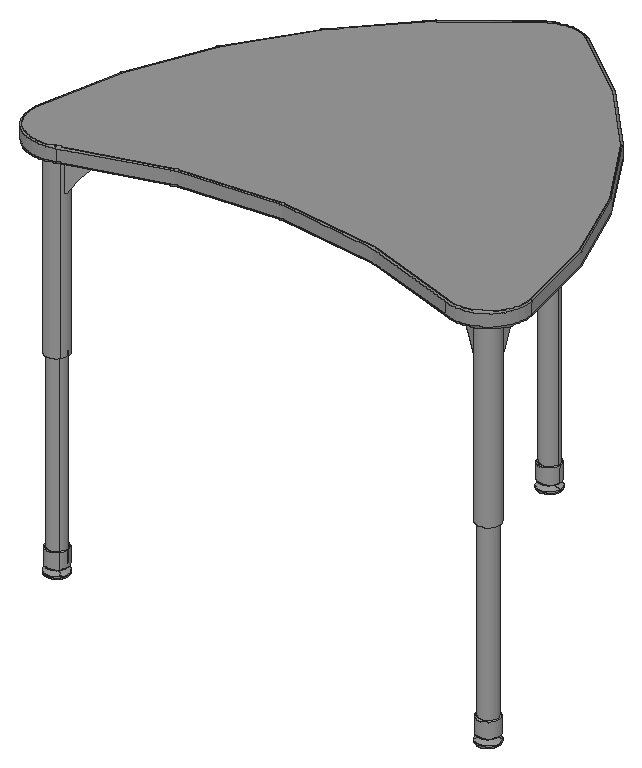
Revit family "Hierarchy Chevron Large Table", category Furniture, Revit 2018
Family settings
  Work Plane-Based = No
  Always vertical = Yes
  Cut with Voids When Loaded = No
  Shared = No
  Room Calculation Point = No
Parameters
  Table Height = 2' - 5"
  Surface = Hierarchy Chevron Large Surface
  Leg Finish = Hierarchy Leg Platinum
  Edgeband = Hierarchy Chevron Large Edgeband
  Caster/Glide = Hierarchy Leg - Glide : Hierarchy Leg - Glide
Reference planes (in)
  plane 1 "Center (Front/Back)": y = 0
  plane 2: z = 0
  plane 3 "Center (Left/Right)": x = 0
  plane 4 "Table Height": z = 29
Dimensions and locks (in)
  "Table Height": plane 4 "Table Height" to level
  aligned and locked: plane 2 to level
  aligned and locked: nested 3 to plane 4 "Table Height"
Nested families (in)
  nested 1: "Hierarchy Leg - Glide" at (0, 10.3033, 0), Leg Height <- "Table Height", Leg Finish <- "Leg Finish", type "Hierarchy Leg - Glide"
    with Leg Height 2' - 5", Leg Finish Hierarchy Leg Platinum
  nested 2: "Hierarchy Leg - Glide" at (-16.21822, -15.68676, 0) x (-0.7939, 0.6081, 0) z (0, 0, 1), Leg Height <- "Table Height", type <- "Caster/Glide", Leg Finish <- "Leg Finish", type "Hierarchy Leg - Glide"
    with Leg Height 2' - 5", Leg Finish Hierarchy Leg Platinum
  nested 3: "Chevron Large Tabletop" at (0, 0.03125, 0.5), type "Chevron Large Tabletop"
  nested 4: "Hierarchy Leg - Glide" at (16.17876, -15.68676, 0) x (0.7939, 0.6081, 0) z (0, 0, 1), Leg Height <- "Table Height", type <- "Caster/Glide", Leg Finish <- "Leg Finish", type "Hierarchy Leg - Glide"
    with Leg Height 2' - 5", Leg Finish Hierarchy Leg Platinum
Definition of nested family "Hierarchy Leg - Glide"
  Parameters (values of type "Hierarchy Leg - Glide")
    Leg Finish [instance] = none
    Leg Height [instance] = 2' - 5"
  Reference planes (in)
    plane 1 "Center (Front/Back)": y = 0
    plane 2: z = 0
    plane 3 "Center (Left/Right)": x = 0
  Forms (in)
    Extrusion 1, solid
      sketch origin (-0.01562, 0, 0) x (1, 0, 0) y (0, 1, 0)
        loop
          circle (0.01563, 0) r 0.67016
      from 0.67618 to 16.17618
    Revolve 2, solid
      sketch origin (0, 0, 0) x (1, 0, 0) y (0, 0, 1)
        loop
          line (-0.73189, 1.80118) -> (-0.79439, 1.73867) -> (-0.79439, 0.61381) -> (-0.73176, 0.55118) -> (-0.125, 0.55118) -> (-0.125, 0.42618) -> (-0.84656, 0.16241) -> (-0.84656, 0.08994) -> (-0.81359, 0) -> (0, 0) -> (0, 1.80118) -> (-0.73189, 1.80118)
        axis (0, 1.80118) -> (0, 0)
      angle from 0 to 360
  Dimensions and locks (in)
    "Leg Height": nested 1 to level
    aligned and locked: plane 2 to level
  Automatic sketch dimensions
    plane 1 "Center (Front/Back)" to Extrusion 1 sketch curve = 0' - 0"
    Extrusion 1 sketch curve to plane 3 "Center (Left/Right)" = 0' - 0"
    Revolve 2 sketch curve to level = 0' - 0"
    Revolve 2 sketch curve to plane 3 "Center (Left/Right)" = 0' - 0"  (x2)
    Revolve 2 sketch curve to plane 3 "Center (Left/Right)" = 0' - 0 1/8"
    Revolve 2 sketch curve to Revolve 2 sketch curve = 0' - 0.60676"
    Revolve 2 sketch curve to Revolve 2 sketch curve = 0' - 0.73189"
    Revolve 2 sketch curve to Revolve 2 sketch curve = 0' - 0.06263"  (x2)
    Revolve 2 sketch curve to Revolve 2 sketch curve = 0' - 0.08183"
    Revolve 2 sketch curve to Revolve 2 sketch curve = 0' - 0.03297"
    level to Revolve 2 sketch curve = 0' - 0.08994"
    Revolve 2 sketch curve to Revolve 2 sketch curve = 0' - 0.07247"
    level to Revolve 2 sketch curve = 0' - 0.42618"
    Revolve 2 sketch curve to Revolve 2 sketch curve = 0' - 0 1/8"
    Revolve 2 sketch curve to Revolve 2 sketch curve = 0' - 1.12486"
    Revolve 2 sketch curve to Revolve 2 sketch curve = 0' - 0 1/16"
    Revolve 2 sketch curve to level = 2' - 0"
    Revolve 2 sketch curve to Revolve 2 sketch curve = 8' - 4.91764"
    radius of Extrusion 1 sketch curve = 0' - 0.67016"
  Nested families (in)
    nested 1: "Hierarchy Upper Leg 2023" at (0, 0, 1.19783), Shapes Leg Finish <- "Leg Finish", type "Hierarchy Upper Leg 2023"
      with Shapes Leg Finish none
  Definition of nested family "Hierarchy Upper Leg 2023"
    Parameters (values of type "Hierarchy Upper Leg 2023")
      Shapes Leg Finish [instance] = none
    Reference planes (in)
      plane 1 "Center (Front/Back)": y = 0
      plane 2: z = 0
      plane 3 "Center (Left/Right)": x = 0
    Forms (in)
      Extrusion 1, solid, material <- "Shapes Leg Finish"
        sketch origin (0, 0, 0) x (1, 0, 0) y (0, 1, 0)
          loop
            circle (0, 0) r 0.84802
        from 13.67618 to 27.67618
      Extrusion 2, solid, material <- "Shapes Leg Finish"
        sketch origin (0, 0, 0) x (1, 0, 0) y (0, 1, 0)
          loop
            line (-1.70174, 0.19183) -> (-2.88626, -2.26116)
            arc (-2.88626, -2.26116) -> (-2.83993, -3.09822) -> (-2.1063, -3.50394) r 0.86614
            line (-2.1063, -3.50394) -> (2.1063, -3.50394)
            arc (2.1063, -3.50394) -> (2.83993, -3.09822) -> (2.88626, -2.26116) r 0.86614
            line (2.88626, -2.26116) -> (1.70174, 0.19183)
            arc (1.70174, 0.19183) -> (0, 1.25984) -> (-1.70174, 0.19183) r 1.88976
        from 27.67618 to 27.80217
      Extrusion 3, solid, material <- "Shapes Leg Finish"
        sketch origin (-1.48519, 8.66524, 0) x (-0.434844, 0.900506, 0) y (0, 0, 1)
          loop
            line (-9.01425, 27.67618) -> (-11.80952, 27.67618)
            arc (-11.80952, 27.67618) -> (-11.92325, 27.58993) -> (-11.87088, 27.45715) r 0.11811
            arc (-11.87088, 27.45715) -> (-10.39364, 26.29679) -> (-9.23328, 24.81955) r 7.87402
            arc (-9.23328, 24.81955) -> (-9.1005, 24.76717) -> (-9.01425, 24.88091) r 0.11811
            line (-9.01425, 24.88091) -> (-9.01425, 27.67618)
        from -1.94075 to -1.81476
      Extrusion 4, solid, material <- "Shapes Leg Finish"
        sketch origin (1.48519, 8.66524, 0) x (0.434844, 0.900506, 0) y (0, 0, -1)
          loop
            line (-9.01425, -27.67618) -> (-9.01425, -24.88091)
            arc (-9.01425, -24.88091) -> (-9.1005, -24.76717) -> (-9.23328, -24.81955) r 0.11811
            arc (-9.23328, -24.81955) -> (-10.39364, -26.29679) -> (-11.87088, -27.45715) r 7.87402
            arc (-11.87088, -27.45715) -> (-11.92325, -27.58993) -> (-11.80952, -27.67618) r 0.11811
            line (-11.80952, -27.67618) -> (-9.01425, -27.67618)
        from -1.94075 to -1.81476
    Dimensions and locks (in)
      aligned and locked: plane 2 to level
Definition of nested family "Chevron Large Tabletop"
  Parameters (values of type "Chevron Large Tabletop")
    Surface = none
    Edgeband = none
  Reference planes (in)
    plane 1 "Center (Front/Back)": y = 0
    plane 2: z = 0
    plane 3 "Center (Left/Right)": x = 0
  Forms (in)
    Extrusion 1, solid, material <- "Surface"
      sketch origin (0, 0, 0) x (1, 0, 0) y (0, 1, 0)
        loop
          arc (-1.47575, 11.83196) -> (-12.96428, 0.45381) -> (-18.53858, -14.72433) r 37.19148
          arc (-18.53858, -14.72433) -> (-17.451, -17.34819) -> (-14.63329, -17.70598) r 2.82966
          arc (-14.63329, -17.70598) -> (0.00027, -14.74362) -> (14.63382, -17.70598) r 37.62483
          arc (14.63382, -17.70598) -> (17.45153, -17.34819) -> (18.53911, -14.72433) r 2.82966
          arc (18.53911, -14.72433) -> (12.97595, 0.43646) -> (1.51118, 11.80998) r 37.19148
          arc (1.51118, 11.80998) -> (0.02085, 12.24654) -> (-1.47575, 11.83196) r 2.83339
      from 28.5 to 29.625
    Sweep 2, solid, material <- "Edgeband"
      path in 3D
        loop
          arc (-1.47575, 11.83196, 29.625) -> (0.02085, 12.24654, 29.625) -> (1.51118, 11.80998, 29.625) r 2.83339
          arc (1.51118, 11.80998, 29.625) -> (12.97595, 0.43646, 29.625) -> (18.53911, -14.72433, 29.625) r 37.19148
          arc (18.53911, -14.72433, 29.625) -> (17.45153, -17.34819, 29.625) -> (14.63382, -17.70598, 29.625) r 2.82966
          arc (14.63382, -17.70598, 29.625) -> (0.00027, -14.74362, 29.625) -> (-14.63329, -17.70598, 29.625) r 37.62483
          arc (-14.63329, -17.70598, 29.625) -> (-17.451, -17.34819, 29.625) -> (-18.53858, -14.72433, 29.625) r 2.82966
          arc (-18.53858, -14.72433, 29.625) -> (-12.96428, 0.45381, 29.625) -> (-1.47575, 11.83196, 29.625) r 37.19148
      profile origin (-12.96428, 0.45381, 29.625) x (-0.841309, 0.540554, 0) y (0, 0, 1)
        loop
          line (0.10581, -1.01919) -> (0.10581, -0.10581)
          arc (0.10581, -0.10581) -> (0.07482, -0.03099) -> (0, 0) r 0.10581
          line (0, 0) -> (0, -1.125)
          arc (0, -1.125) -> (0.07482, -1.09401) -> (0.10581, -1.01919) r 0.10581
  Lines and regions (in)
    sketch lines
      curve 1: arc (-18.53858, -14.72433, 29.625) -> (-12.96428, 0.45381, 29.625) -> (-1.47575, 11.83196, 29.625) r 37.19148
      curve 2: arc (-1.47575, 11.83196, 29.625) -> (0.02085, 12.24654, 29.625) -> (1.51118, 11.80998, 29.625) r 2.83339
      curve 3: arc (1.51118, 11.80998, 29.625) -> (12.97595, 0.43646, 29.625) -> (18.53911, -14.72433, 29.625) r 37.19148
      curve 4: arc (18.53911, -14.72433, 29.625) -> (17.45153, -17.34819, 29.625) -> (14.63382, -17.70598, 29.625) r 2.82966
      curve 5: arc (14.63382, -17.70598, 29.625) -> (0.00027, -14.74362, 29.625) -> (-14.63329, -17.70598, 29.625) r 37.62483
      curve 6: arc (-14.63329, -17.70598, 29.625) -> (-17.451, -17.34819, 29.625) -> (-18.53858, -14.72433, 29.625) r 2.82966
  Dimensions and locks (in)
    aligned and locked: plane 2 to level
